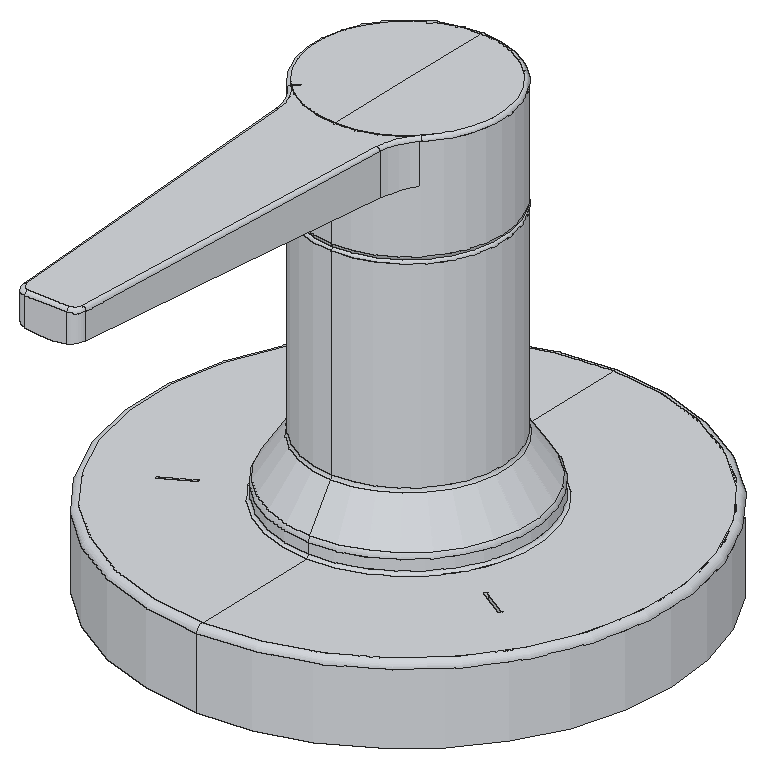
Revit family "Shower-Valve_Trim-KOHLER-Pitch-K-T97091", category Specialty Equipment, host Face, Revit 2017
Family settings
  Host = Face
  Round Connector Dimension = Use Diameter
  Part Type = Normal
  OmniClass Number = 23.31.25.00
  OmniClass Title = Toilet and Bath Specialties
  Cut with Voids When Loaded = No
  Shared = No
  Room Calculation Point = No
Parameters (values of type "CP-Polished Chrome")
  Width = 3 15/16"  # constant formula
  WaterSense Certified = 1 = 0  # no
  URL = "https://www.us.kohler.com/us/"
  Type = 1
  Product Page URL = "http://www.us.kohler.com/us/catalog/productDetails.jsp?productNumber=T97091-4"
  Product Name = "Pitch"  # constant formula
  Product Documentation Link = "https://www.us.kohler.com/webassets/kpna/catalog/pdf/en/K-T97091-4_spec.pdf"
  Model = if(Type = 1, "K-T97091-4-CP", if(Type = 2, "K-T97091-4-BN", "NA"))  # "K-T97091-4-CP"
  Material = "Premium Metal Construction "  # constant formula
  Master Format 2014 Name = "Toilet, Bath, and Laundry Accessories"  # constant formula
  Master Format 2014 = "10 28 00"  # constant formula
  Manufacturer Address = "444 Highland Dr, Kohler, WI 53044"  # constant formula
  Manufacturer = "KOHLER Co."  # constant formula
  Length = 3 3/8"  # constant formula
  Height = 3 15/16"  # constant formula
  Finish = Kohler-Metal-CP-Polished_Chrome
  Environmental Product Declaration = ""
  Description = "Transfer valve trim"  # constant formula
  Default Elevation = 42"
  Declare Label = ""
  Date Modified = "03/19/2020"  # constant formula
  Date Created = "03/19/2020"  # constant formula
  Copyright = "Copyright KOHLER Co."  # constant formula
  Contact Us = "https://www.us.kohler.com/us/static/contact.jsp"
  Assembly Code = "C1030200"
  ADA Compliant = 1 = 1  # yes
Types (3): name | Type | Model | Finish
  (no name) | 1 | "K-T97091-4-CP" | Kohler-Metal-CP-Polished_Chrome
  CP-Polished Chrome | 1 | "K-T97091-4-CP" | Kohler-Metal-CP-Polished_Chrome
  BN-Vibrant Brushed Nickel | 2 | "K-T97091-4-BN" | Kohler-Metal-BN-Vibrant_Brushed_Nickel
Reference planes
  plane 1 "Center (Front/Back)": y = 0
  plane 2: z = 0
  plane 3 "Center (Left/Right)": x = 0
  plane 4: y = 50.006
  plane 5: y = -50.006
  plane 6: y = -85.725
  plane 7: x = 50.006
  plane 8: x = -50.006
  plane 9: z = 85.725
Dimensions and locks
  "Height": plane 4 to plane 5
  locked: plane 1 "Center (Front/Back)" to plane 6 at 85.725
  "Width": plane 8 to plane 7
  "Length": plane 9 to level
  aligned and locked: plane 2 to host face
  aligned and locked: level to host face
  aligned and locked: plane 3 "Center (Left/Right)" to nested 1
Automatic sketch dimensions
  host sketch curve to host sketch curve = 96"  (x2)
Nested families
  nested 1: "K-T97091" at (0, 0, 0), type "K-T97091"
Definition of nested family "K-T97091"
  Parameters (values of type "K-T97091")
    Material = none
  Reference planes
    plane 1 "Center (Front/Back)": y = 0
    plane 2: z = 0
    plane 3 "Center (Left/Right)": x = 0
    plane 4: y = 50.006
    plane 5: y = -50.006
    plane 6: y = -85.725
    plane 7: z = 85.725
    plane 8: x = -50.006
    plane 9: x = 50.006
  Forms (mm)
    Revolve 1, solid, material <- "Material", detail levels medium+fine
      sketch origin (0, 0, 0) x (0, 1, 0) y (0, 0, 1)
        loop
          line (50.006, 0) -> (50.006, 13.44)
          arc (50.006, 13.44) -> (49.632, 14.344) -> (48.728, 14.718) r 1.278
          line (48.728, 14.718) -> (24.043, 14.718)
          arc (24.043, 14.718) -> (23.659, 14.877) -> (23.5, 15.261) r 0.543
          line (23.5, 15.261) -> (23.5, 17.234)
          arc (23.5, 17.234) -> (23.423, 17.75) -> (23.198, 18.221) r 1.765
          line (23.198, 18.221) -> (18.229, 25.588)
          arc (18.229, 25.588) -> (18.059, 25.945) -> (18, 26.336) r 1.338
          line (18, 26.336) -> (18, 64.275)
          arc (18, 64.275) -> (17.817, 64.672) -> (17.396, 64.789) r 0.521
          arc (17.396, 64.789) -> (17.83, 65.051) -> (18, 65.529) r 0.755
          line (18, 65.529) -> (18, 85.059)
          arc (18, 85.059) -> (17.805, 85.53) -> (17.334, 85.725) r 0.666
          line (17.334, 85.725) -> (0, 85.725) -> (0, 0) -> (50.006, 0)
        axis (0, 0) -> (0, 85.725)
      angle from 0 to 360
    Sweep 2, solid, material <- "Material", detail levels medium+fine
      path origin (0, 0, 0) x (1, 0, 0) y (0, 1, 0)
        loop
          arc (-12.659, -12.678) -> (-10.703, -15.664) -> (-9.877, -19.136) r 10.354
          line (-9.877, -19.136) -> (-5.97, -83.844)
          arc (-5.97, -83.844) -> (-5.345, -85.181) -> (-3.973, -85.725) r 2.001
          line (-3.973, -85.725) -> (3.993, -85.725)
          arc (3.993, -85.725) -> (5.35, -85.187) -> (5.969, -83.864) r 1.98
          line (5.969, -83.864) -> (9.877, -19.136)
          arc (9.877, -19.136) -> (10.703, -15.664) -> (12.659, -12.678) r 10.354
      profile origin (0.01, -85.725, 0) x (0, -1, 0) y (0, 0, 1)
        loop
          line (-0.663, 85.725) -> (-1.942, 85.725) -> (-1.942, 69.451) -> (0, 69.451) -> (0, 85.062)
          arc (0, 85.062) -> (-0.194, 85.531) -> (-0.663, 85.725) r 0.663
    Extrusion 3, solid, material <- "Material", detail levels medium+fine
      sketch origin (0, 0, 0) x (1, 0, 0) y (0, 1, 0)
        loop
          arc (7.939, -19.019) -> (8.92, -14.895) -> (11.243, -11.35) r 12.296
          line (11.243, -11.35) -> (-11.243, -11.35)
          arc (-11.243, -11.35) -> (-8.92, -14.895) -> (-7.939, -19.019) r 12.296
          line (-7.939, -19.019) -> (-4.029, -83.783) -> (4.029, -83.783) -> (7.939, -19.019)
      from 69.574 to 85.725
    Sweep 4, void
      path origin (0, 0, 0) x (0, 1, 0) y (0, 0, 1)
        loop
          line (-9.679, 76.453) -> (-49.663, 78.911) -> (-87.298, 81.224)
      profile origin (0, -49.663, 78.911) x (0, -0.061358, -0.998116) y (1, 0, 0)
        loop
          arc (1.07, -5.33) -> (-0.14, -9.696) -> (-1.033, -14.138) r 62.907
          line (-1.033, -14.138) -> (12.694, -14.138) -> (12.694, 14.138) -> (-1.033, 14.138)
          arc (-1.033, 14.138) -> (-0.14, 9.696) -> (1.07, 5.33) r 62.907
          arc (1.07, 5.33) -> (1.893, 0) -> (1.07, -5.33) r 17.667
    Extrusion 5, void
      sketch origin (0, 0, 0) x (1, 0, 0) y (0, 1, 0)
        loop
          line (-27.518, -15.477) -> (-32.554, -18.385)
          arc (-32.554, -18.385) -> (-32.684, -18.87) -> (-32.199, -19.001) r 0.356
          line (-32.199, -19.001) -> (-27.163, -16.093)
          arc (-27.163, -16.093) -> (-27.032, -15.607) -> (-27.518, -15.477) r 0.356
        loop
          arc (27.518, -15.477) -> (27.032, -15.607) -> (27.163, -16.093) r 0.356
          line (27.163, -16.093) -> (32.199, -19.001)
          arc (32.199, -19.001) -> (32.684, -18.87) -> (32.554, -18.385) r 0.356
          line (32.554, -18.385) -> (27.518, -15.477)
      from 13.242 to 18.175
    Revolve 6, solid, material <- "Material", detail levels coarse
      sketch origin (0, 0, 0) x (0, 1, 0) y (0, 0, 1)
        loop
          line (50.006, 0) -> (50.006, 14.718) -> (18.001, 14.718) -> (18.001, 85.725) -> (0, 85.725) -> (0, 0) -> (50.006, 0)
        axis (0, 0) -> (0, 85.725)
      angle from 0 to 360
    Extrusion 7, solid, material <- "Material", detail levels coarse
      sketch origin (0, 0, 0) x (1, 0, 0) y (0, 1, 0)
        loop
          line (13.753, -85.725) -> (13.753, 10.319) -> (-13.753, 10.319) -> (-13.753, -85.725) -> (13.753, -85.725)
      from 69.801 to 85.725
  Cuts and joins
    Sweep 4 cuts Sweep 2
    Sweep 4 cuts Extrusion 3
    joined: Sweep 2, Extrusion 3
    Extrusion 5 cuts Revolve 1
    joined: Revolve 6, Extrusion 7
  Lines and regions (mm)
    Masking region 1
      outline origin (0, 0, 0) x (0, 1, 0) y (0, 0, 1)
        loop
          line (50.006, 0) -> (50.006, 13.462)
          arc (50.006, 13.462) -> (49.638, 14.35) -> (48.75, 14.718) r 1.257
          line (48.75, 14.718) -> (24.036, 14.718)
          arc (24.036, 14.718) -> (23.657, 14.875) -> (23.501, 15.253) r 0.535
          line (23.501, 15.253) -> (23.501, 17.777) -> (18.228, 25.594)
          arc (18.228, 25.594) -> (18.059, 25.949) -> (18.001, 26.337) r 1.33
          line (18.001, 26.337) -> (18.001, 64.265)
          arc (18.001, 64.265) -> (17.831, 64.653) -> (17.431, 64.791) r 0.528
          arc (17.431, 64.791) -> (17.837, 64.991) -> (18.001, 65.412) r 0.623
          line (18.001, 65.412) -> (18.001, 85.062)
          arc (18.001, 85.062) -> (17.807, 85.531) -> (17.338, 85.725) r 0.663
          line (17.338, 85.725) -> (-85.108, 85.725)
          arc (-85.108, 85.725) -> (-85.544, 85.544) -> (-85.725, 85.108) r 0.617
          line (-85.725, 85.108) -> (-85.725, 79.177) -> (-18.802, 75.117)
          arc (-18.802, 75.117) -> (-18.232, 74.85) -> (-18.001, 74.266) r 0.853
          line (-18.001, 74.266) -> (-18.001, 65.412)
          arc (-18.001, 65.412) -> (-17.837, 64.991) -> (-17.431, 64.791) r 0.623
          arc (-17.431, 64.791) -> (-17.831, 64.653) -> (-18.001, 64.265) r 0.528
          line (-18.001, 64.265) -> (-18.001, 26.337)
          arc (-18.001, 26.337) -> (-18.059, 25.949) -> (-18.228, 25.594) r 1.33
          line (-18.228, 25.594) -> (-23.501, 17.777) -> (-23.501, 15.253)
          arc (-23.501, 15.253) -> (-23.657, 14.875) -> (-24.036, 14.718) r 0.535
          line (-24.036, 14.718) -> (-48.745, 14.718)
          arc (-48.745, 14.718) -> (-49.637, 14.349) -> (-50.006, 13.457) r 1.261
          line (-50.006, 13.457) -> (-50.006, 0) -> (50.006, 0)
    Masking region 2
      outline origin (0, 0, 0) x (1, 0, 0) y (0, 0, 1)
        loop
          line (50.006, 0) -> (50.006, 13.449)
          arc (50.006, 13.449) -> (49.635, 14.347) -> (48.737, 14.718) r 1.269
          line (48.737, 14.718) -> (24.037, 14.718)
          arc (24.037, 14.718) -> (23.657, 14.875) -> (23.5, 15.255) r 0.537
          line (23.5, 15.255) -> (23.5, 17.232)
          arc (23.5, 17.232) -> (23.429, 17.713) -> (23.221, 18.152) r 1.653
          line (23.221, 18.152) -> (18.269, 25.547)
          arc (18.269, 25.547) -> (18.07, 25.968) -> (18.002, 26.428) r 1.582
          line (18.002, 26.428) -> (18.002, 64.26)
          arc (18.002, 64.26) -> (17.834, 64.646) -> (17.438, 64.789) r 0.53
          arc (17.438, 64.789) -> (17.845, 65.029) -> (18.005, 65.472) r 0.696
          line (18.005, 65.472) -> (18.005, 85.031)
          arc (18.005, 85.031) -> (17.801, 85.522) -> (17.311, 85.725) r 0.694
          line (17.311, 85.725) -> (-17.311, 85.725)
          arc (-17.311, 85.725) -> (-17.801, 85.522) -> (-18.005, 85.031) r 0.694
          line (-18.005, 85.031) -> (-18.005, 65.472)
          arc (-18.005, 65.472) -> (-17.845, 65.029) -> (-17.438, 64.789) r 0.696
          arc (-17.438, 64.789) -> (-17.834, 64.646) -> (-18.002, 64.26) r 0.53
          line (-18.002, 64.26) -> (-18.002, 26.428)
          arc (-18.002, 26.428) -> (-18.07, 25.968) -> (-18.269, 25.547) r 1.582
          line (-18.269, 25.547) -> (-23.221, 18.152)
          arc (-23.221, 18.152) -> (-23.429, 17.713) -> (-23.5, 17.232) r 1.653
          line (-23.5, 17.232) -> (-23.5, 15.255)
          arc (-23.5, 15.255) -> (-23.657, 14.875) -> (-24.037, 14.718) r 0.537
          line (-24.037, 14.718) -> (-48.737, 14.718)
          arc (-48.737, 14.718) -> (-49.635, 14.347) -> (-50.006, 13.449) r 1.269
          line (-50.006, 13.449) -> (-50.006, 0) -> (50.006, 0)
    Masking region 3
      outline origin (0, 0, 0) x (1, 0, 0) y (0, 1, 0)
        loop
          line (-8.053, -49.354) -> (-5.967, -83.908)
          arc (-5.967, -83.908) -> (-5.362, -85.199) -> (-4.036, -85.725) r 1.934
          line (-4.036, -85.725) -> (4.074, -85.725)
          arc (4.074, -85.725) -> (5.372, -85.21) -> (5.964, -83.946) r 1.894
          line (5.964, -83.946) -> (8.053, -49.354)
          arc (8.053, -49.354) -> (0, 50.006) -> (-8.053, -49.354) r 50.006
    symbolic lines, detail levels medium+fine
      curve 1: line (0, 24.036, 14.718) -> (0, -24.036, 14.718)
      curve 2: line (0, 23.501, 17.777) -> (0, -23.501, 17.777)
      curve 3: line (0, 18.064, 25.931) -> (0, -18.064, 25.931)
      curve 4: line (0, 17.396, 64.789) -> (0, -17.396, 64.789)
      curve 5: spline (0, -19.136, 77.218) -> (0, -21.708, 77.339) -> (0, -24.281, 77.46) -> (0, -26.853, 77.58) -> (0, -29.426, 77.7) -> (0, -31.998, 77.82) -> (0, -34.571, 77.939) -> (0, -37.144, 78.058) -> (0, -39.716, 78.176) -> (0, -42.289, 78.294) -> (0, -44.861, 78.411) -> (0, -47.434, 78.528) -> (0, -50.007, 78.645)
      curve 6: spline (0, -12.678, 77.411) -> (0, -13.124, 77.361) -> (0, -13.593, 77.316) -> (0, -14.083, 77.277) -> (0, -14.592, 77.245) -> (0, -15.118, 77.219) -> (0, -15.66, 77.199) -> (0, -16.217, 77.186) -> (0, -16.785, 77.179) -> (0, -17.362, 77.179) -> (0, -17.948, 77.185) -> (0, -18.54, 77.198) -> (0, -19.136, 77.218)
      curve 7: arc (0, -12.678, 77.411) -> (0, -15.595, 76.27) -> (0, -18.001, 74.266) r 9.771
      curve 8: line (17.438, 0, 64.789) -> (-17.438, 0, 64.789)
      curve 9: line (-18.012, 0, 25.931) -> (18.082, 0, 25.931)
      curve 10: line (-23.408, 0, 17.777) -> (23.408, 0, 17.777)
      curve 11: line (-24.037, 0, 14.718) -> (24.037, 0, 14.718)
      curve 12: line (-27.518, -15.477, 0) -> (-32.554, -18.385, 0)
      curve 13: line (-32.199, -19.001, 0) -> (-27.163, -16.093, 0)
      curve 14: arc (-32.554, -18.385, 0) -> (-32.684, -18.87, 0) -> (-32.199, -19.001, 0) r 0.356
      curve 15: arc (-27.163, -16.093, 0) -> (-27.032, -15.607, 0) -> (-27.518, -15.477, 0) r 0.356
      curve 16: line (27.518, -15.477, 0) -> (32.554, -18.385, 0)
      curve 17: line (32.199, -19.001, 0) -> (27.163, -16.093, 0)
      curve 18: arc (32.554, -18.385, 0) -> (32.684, -18.87, 0) -> (32.199, -19.001, 0) r 0.356
      curve 19: arc (27.163, -16.093, 0) -> (27.032, -15.607, 0) -> (27.518, -15.477, 0) r 0.356
      curve 20: arc (9.744, -21.348, 0) -> (0, 23.467, 0) -> (-9.744, -21.348, 0) r 23.467
      curve 21: line (-9.877, -19.136, 0) -> (-8.053, -49.354, 0)
      curve 22: line (8.053, -49.354, 0) -> (9.877, -19.136, 0)
      curve 23: arc (-12.169, -13.24, 0) -> (-10.562, -16.009, 0) -> (-9.877, -19.136, 0) r 10.354
      curve 24: arc (9.877, -19.136, 0) -> (10.562, -16.009, 0) -> (12.169, -13.24, 0) r 10.354
      curve 25: arc (12.169, -13.24, 0) -> (0, 17.983, 0) -> (-12.169, -13.24, 0) r 17.983
      curve 26: line (0, -85.725, 79.177) -> (0, -50.007, 78.645)
  Dimensions and locks
    plane 4 to plane 5 = 3 15/16"
    plane 1 "Center (Front/Back)" to plane 6 = 3 3/8"
    plane 7 to level = 3 3/8"
    plane 9 to plane 8 = 3 15/16"
    aligned and locked: plane 2 to level
